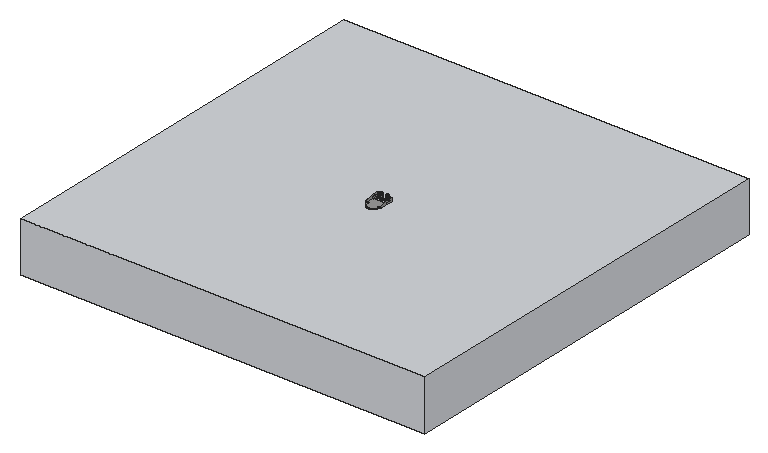
Revit family "Hekatron_Brandmeldetechnik_K 155-W_DE_23.01", category Brandmelder, Revit 2018
Family settings
  Basisbauteil = Fläche
  Beschriftungsausrichtung beibehalten = Ja
  Bemaßung runder Anschluss = Durchmesser verwenden
  Teiletyp = Normal
  OmniClass-Nummer = 23.85.30.21
  OmniClass-Titel = Environmental Detection/Registration
  Beim Laden mit Abzugskörper schneiden = Nein
  Gemeinsam genutzt = Nein
  Raumberechnungspunkt = Nein
Parameters (values of type "K 155-W")
  Zulassungen nach EN 54 = ""
  Zulaessige Umgebungstemperatur = ""
  Zulaessige Luftgeschwindigkeit = ""
  Width [instance] = 90 mm
  Version des BIM Objektes = "23.01"
  VdS-Anerkennung = ""
  URL = "www.hekatron-brandschutz.de"
  UB A&S Artikel Nummer = "31-4100031-01-01"
  Type Comments = "Konsole 155 W für Wandmontage "
  Tiefe (mm) = "40.0"
  Stromaufnahme = ""
  Schutzart = ""
  Rauchteil einstellbar = ""
  Nettogewicht (g) = "90.0"
  Montageart = ""
  Modell = "K 155-W"
  Material = "Stahlblech"
  Link zum Datenblatt = "https://www.hekatron-brandschutz.de/fileadmin/hekatron_elo/manuell/Montageanleitung_K-155-W_FM-155-F.pdf"
  Link zu ausschreiben.de = ""
  Link zu Produktinformation = "https://www.hekatron-brandschutz.de/fileadmin/hekatron_elo/manuell/Produktinformation-Funksystem-155-F.pdf"
  Link zu Ausschreibungstext = "https://www.meinhplus.de/login"
  Leistungserklaerung (DoP) = ""
  Lautstaerke DIN-Ton (dB) = ""
  Kabeleinführung = ""
  Hoehe (mm) = "120.0"
  Hersteller = "Hekatron"
  Heigth [instance] = 120 mm
  Funktionsprinzip = ""
  Farbe = "weiß"
  Ex-Zonen = ""
  Einstellung Temperaturklasse nach EN 54-5 = ""
  Einstellung Temperaturindex nach EN 54-5 = ""
  Einstellung Rauchempfindlichkeit nach EN 54-20 = ""
  Einstellen Rauchempfindlichkeit nach EN 54-7 = ""
  EG-Konformitaetszertifikat / Zertifikat der Leistungsbestaendigkeit = ""
  Durchmesser (mm) = ""
  Breite (mm) = "90.0"
  Betriebsspannung = ""
  Description = "Konsole 155 W für Wandmontage "
  Depth [instance] = 43 mm
  Vorgabe-Ansicht = 1200 mm
  Bauartgenehmigungen = ""
  Anzahl Ansaugleitungen = ""
  Ansprechtemperatur = ""
  Alarm- & Empfindlichkeitsbereich = ""
Values of the unnamed type that differ from the named types
  Version des BIM Objektes = ""
  UB A&S Artikel Nummer = ""
  Type Comments = "Console 155 wall"
  Tiefe (mm) = ""
  Nettogewicht (g) = ""
  Material = ""
  Link zum Datenblatt = ""
  Link zu Produktinformation = ""
  Link zu Ausschreibungstext = ""
  Hoehe (mm) = ""
  Farbe = ""
  Breite (mm) = ""
  Description = "Console 155 wall"
Reference planes
  plane 1 "Center (Front/Back)": y = 0
  plane 2: z = 0
  plane 3 "Center (Left/Right)": x = 0
Forms (mm)
  Extrusion 1, solid
    sketch origin (0, 0, 0) x (1, 0, 0) y (0, 1, 0)
      loop
        line (-1219.2, 1219.2) -> (-1219.2, -1219.2) -> (1219.2, -1219.2) -> (1219.2, 1219.2) -> (-1219.2, 1219.2)
    from 0 to -304.8
  Extrusion 2, solid, material "Stahlblech, White"
    sketch origin (0, 0, 0) x (1, 0, 0) y (0, 0, 1)
      loop
        line (-17.25, 10) -> (-17.25, 17.237)
        arc (-17.25, 17.237) -> (-20, 27.5) -> (-22.75, 17.237) r 5.5
        line (-22.75, 17.237) -> (-22.75, 10)
        arc (-22.75, 10) -> (-20, 7.25) -> (-17.25, 10) r 2.75
      loop
        line (-43, 19.5) -> (-43, 0) -> (-11, 0) -> (-11, 22)
        arc (-11, 22) -> (-20, 31) -> (-29, 22) r 9
        line (-29, 22) -> (-29, 19.5) -> (-43, 19.5)
      loop
        arc (17.25, 10) -> (20, 7.25) -> (22.75, 10) r 2.75
        line (22.75, 10) -> (22.75, 17.237)
        arc (22.75, 17.237) -> (20, 27.5) -> (17.25, 17.237) r 5.5
        line (17.25, 17.237) -> (17.25, 10)
      loop
        line (43, 19.5) -> (29, 19.5) -> (29, 22)
        arc (29, 22) -> (20, 31) -> (11, 22) r 9
        line (11, 22) -> (11, 0) -> (43, 0) -> (43, 19.5)
      loop
        circle (-34.01, 10.964) r 6
      loop
        circle (34.01, 10.964) r 6
    from -0.5 to 1
  Extrusion 3, solid, material "Stahlblech, White"
    sketch origin (0, 0, 0) x (0, 1, 0) y (0, 0, 1)
      loop
        line (0, 19.5) -> (-26.05, 19.5)
        arc (-26.05, 19.5) -> (-29.966, 19.243) -> (-33.815, 18.478) r 30
        line (-33.815, 18.478) -> (-80, 6.103) -> (-80, 0) -> (0, 0) -> (0, 19.5)
      loop
        line (-68.66, 5) -> (-5, 5) -> (-5, 15) -> (-28.706, 15)
        arc (-28.706, 15) -> (-31.317, 14.829) -> (-33.883, 14.319) r 20
        line (-33.883, 14.319) -> (-68.66, 5)
    from -45 to -44
  Extrusion 4, solid, material "Stahlblech, White"
    sketch origin (0, 0, 0) x (0, 1, 0) y (0, 0, -1)
      loop
        line (0, -19.5) -> (0, 0) -> (-80, 0) -> (-80, -6.103) -> (-33.815, -18.478)
        arc (-33.815, -18.478) -> (-29.966, -19.243) -> (-26.05, -19.5) r 30
        line (-26.05, -19.5) -> (0, -19.5)
      loop
        line (-68.66, -5) -> (-33.883, -14.319)
        arc (-33.883, -14.319) -> (-31.317, -14.829) -> (-28.706, -15) r 20
        line (-28.706, -15) -> (-5, -15) -> (-5, -5) -> (-68.66, -5)
    from -45 to -44
  Extrusion 5, solid, material "Stahlblech, White"
    sketch origin (0, 0, 0) x (1, 0, 0) y (0, 1, 0)
      loop
        line (43, -1) -> (11, -1) -> (11, -2) -> (-11, -2) -> (-11, -1) -> (-43, -1) -> (-43, -3) -> (-44, -3) -> (-44, -80) -> (-39.5, -80)
        arc (-39.5, -80) -> (0, -119.5) -> (39.5, -80) r 39.5
        line (39.5, -80) -> (44, -80) -> (44, -3) -> (43, -3) -> (43, -1)
      loop
        line (-37.5, -15) -> (-37.5, -33.5) -> (37.5, -33.5) -> (37.5, -15) -> (-37.5, -15)
      loop
        line (-36.5, -13) -> (-37.5, -13) -> (-37.5, -14.732) -> (-36.5, -14.732) -> (-36.5, -13)
      loop
        line (36.5, -13) -> (36.5, -14.732) -> (37.5, -14.732) -> (37.5, -13) -> (36.5, -13)
    from 0 to 1
  Extrusion 6, solid, material "Stahlblech, White"
    sketch origin (0, 0, 0) x (1, 0, 0) y (0, 1, 0)
      loop
        circle (-30.009, -80.014) r 1.99
      loop
        circle (30.009, -80.014) r 1.99
    from -1.5 to 0
  Extrusion 7, solid, material "Stahlblech, White"
    sketch origin (0, 0, 0) x (1, 0, 0) y (0, 0, 1)
      loop
        line (-36.5, 0) -> (-36.5, -12) -> (36.5, -12) -> (36.5, 0) -> (-36.5, 0)
    from 14 to 15
  Extrusion 8, void
    sketch origin (0, 0, 0) x (1, 0, 0) y (0, 1, 0)
      loop
        circle (-30.009, -80.014) r 1.25
      loop
        circle (30.009, -80.014) r 1.25
    from -1.5 to 1
Cuts and joins
  Extrusion 8 cuts Extrusion 5
  Extrusion 8 cuts Extrusion 6
Lines and regions (mm)
  reference lines
    curve 1: line (0, -1, 31) -> (0, 2.151, 31)
Dimensions and locks
  "Width": Extrusion 3 to Extrusion 4
  "Heigth": Extrusion 2 to cut or joined group of Extrusion 5, Extrusion 8
  "Depth": curve 1 to Extrusion 7
  aligned and locked: plane 2 to Extrusion 1
  aligned and locked: level to Extrusion 1
Automatic sketch dimensions
  Extrusion 1 sketch curve to Extrusion 1 sketch curve = 2438.4 mm  (x2)
  plane 1 "Center (Front/Back)" to curve 1 = 1 mm
  curve 1 to plane 1 "Center (Front/Back)" = 2.151 mm
  level to curve 1 = 31 mm
  Extrusion 2 sketch curve to Extrusion 2 sketch curve = 0 mm  (x4)
  Extrusion 2 sketch curve to level = 0 mm  (x2)
  Extrusion 2 sketch curve to plane 3 "Center (Left/Right)" = 43 mm
  Extrusion 2 sketch curve to Extrusion 2 sketch curve = 8.99 mm  (x2)
  Extrusion 2 sketch curve to Extrusion 2 sketch curve = 5.01 mm  (x2)
  Extrusion 2 sketch curve to Extrusion 2 sketch curve = 11.26 mm
  Extrusion 2 sketch curve to Extrusion 2 sketch curve = 2.75 mm  (x4)
  plane 3 "Center (Left/Right)" to Extrusion 2 sketch curve = 11 mm
  Extrusion 2 sketch curve to Extrusion 2 sketch curve = 6.25 mm
  level to Extrusion 2 sketch curve = 10 mm  (x2)
  level to Extrusion 2 sketch curve = 10.964 mm  (x2)
  Extrusion 2 sketch curve to Extrusion 2 sketch curve = 7.237 mm  (x2)
  Extrusion 2 sketch curve to Extrusion 2 sketch curve = 2.263 mm  (x2)
  Extrusion 2 sketch curve to Extrusion 2 sketch curve = 4.763 mm  (x2)
  Extrusion 3 sketch curve to level = 0 mm
  Extrusion 3 sketch curve to plane 1 "Center (Front/Back)" = 0 mm
  plane 1 "Center (Front/Back)" to Extrusion 3 sketch curve = 5 mm
  Extrusion 3 sketch curve to Extrusion 3 sketch curve = 21.05 mm
  Extrusion 3 sketch curve to Extrusion 3 sketch curve = 2.656 mm
  level to Extrusion 3 sketch curve = 18.478 mm
  Extrusion 3 sketch curve to Extrusion 3 sketch curve = 5.109 mm
  level to Extrusion 3 sketch curve = 14.319 mm
  Extrusion 3 sketch curve to Extrusion 3 sketch curve = 0.068 mm
  level to Extrusion 3 sketch curve = 5 mm
  Extrusion 3 sketch curve to Extrusion 3 sketch curve = 34.777 mm
  Extrusion 3 sketch curve to Extrusion 3 sketch curve = 11.34 mm
  Extrusion 3 sketch curve to level = 5 mm
  Extrusion 3 sketch curve to Extrusion 3 sketch curve = 5.5 mm
  Extrusion 3 sketch curve to Extrusion 3 sketch curve = 6.103 mm
  Extrusion 4 sketch curve to level = 0 mm
  Extrusion 4 sketch curve to plane 1 "Center (Front/Back)" = 0 mm
  plane 1 "Center (Front/Back)" to Extrusion 4 sketch curve = 5 mm
  Extrusion 4 sketch curve to Extrusion 4 sketch curve = 21.05 mm
  Extrusion 4 sketch curve to Extrusion 4 sketch curve = 2.656 mm
  level to Extrusion 4 sketch curve = 18.478 mm
  Extrusion 4 sketch curve to Extrusion 4 sketch curve = 5.109 mm
  level to Extrusion 4 sketch curve = 14.319 mm
  Extrusion 4 sketch curve to Extrusion 4 sketch curve = 0.068 mm
  level to Extrusion 4 sketch curve = 5 mm
  Extrusion 4 sketch curve to Extrusion 4 sketch curve = 34.777 mm
  Extrusion 4 sketch curve to Extrusion 4 sketch curve = 11.34 mm
  Extrusion 4 sketch curve to Extrusion 4 sketch curve = 14.5 mm
  Extrusion 4 sketch curve to Extrusion 4 sketch curve = 4.5 mm
  Extrusion 4 sketch curve to Extrusion 4 sketch curve = 6.103 mm
  Extrusion 5 sketch curve to plane 3 "Center (Left/Right)" = 0 mm
  plane 1 "Center (Front/Back)" to Extrusion 5 sketch curve = 2 mm
  Extrusion 5 sketch curve to plane 3 "Center (Left/Right)" = 11 mm
  plane 1 "Center (Front/Back)" to Extrusion 5 sketch curve = 13 mm
  Extrusion 5 sketch curve to Extrusion 5 sketch curve = 25.5 mm  (x2)
  Extrusion 5 sketch curve to Extrusion 5 sketch curve = 1 mm  (x2)
  Extrusion 5 sketch curve to Extrusion 5 sketch curve = 0 mm  (x2)
  Extrusion 5 sketch curve to Extrusion 5 sketch curve = 39.5 mm
  plane 1 "Center (Front/Back)" to Extrusion 5 sketch curve = 3 mm  (x2)
  Extrusion 5 sketch curve to Extrusion 5 sketch curve = 5.5 mm  (x2)
  Extrusion 5 sketch curve to Extrusion 5 sketch curve = 4.5 mm  (x2)
  plane 1 "Center (Front/Back)" to Extrusion 5 sketch curve = 1 mm  (x2)
  plane 3 "Center (Left/Right)" to Extrusion 5 sketch curve = 11 mm
  Extrusion 5 sketch curve to Extrusion 5 sketch curve = 10 mm
  Extrusion 5 sketch curve to Extrusion 5 sketch curve = 1.732 mm  (x2)
  Extrusion 5 sketch curve to Extrusion 5 sketch curve = 0.268 mm
  Extrusion 5 sketch curve to Extrusion 5 sketch curve = 18.5 mm
  Extrusion 5 sketch curve to Extrusion 5 sketch curve = 46.5 mm
  Extrusion 6 sketch curve to plane 3 "Center (Left/Right)" = 30.009 mm
  plane 3 "Center (Left/Right)" to Extrusion 6 sketch curve = 30.009 mm
  plane 1 "Center (Front/Back)" to Extrusion 6 sketch curve = 80.014 mm
  Extrusion 6 sketch curve to Extrusion 6 sketch curve = 0 mm
  Extrusion 7 sketch curve to level = 0 mm
  Extrusion 7 sketch curve to level = 12 mm
  Extrusion 7 sketch curve to plane 3 "Center (Left/Right)" = 36.5 mm
  plane 3 "Center (Left/Right)" to Extrusion 7 sketch curve = 36.5 mm
  Extrusion 8 sketch curve to plane 3 "Center (Left/Right)" = 30.009 mm
  plane 3 "Center (Left/Right)" to Extrusion 8 sketch curve = 30.009 mm
  plane 1 "Center (Front/Back)" to Extrusion 8 sketch curve = 80.014 mm
  Extrusion 8 sketch curve to Extrusion 8 sketch curve = 0 mm
  radius of Extrusion 2 sketch curve = 6 mm  (x2)
  radius of Extrusion 6 sketch curve = 1.99 mm  (x2)
  radius of Extrusion 8 sketch curve = 1.25 mm  (x2)
